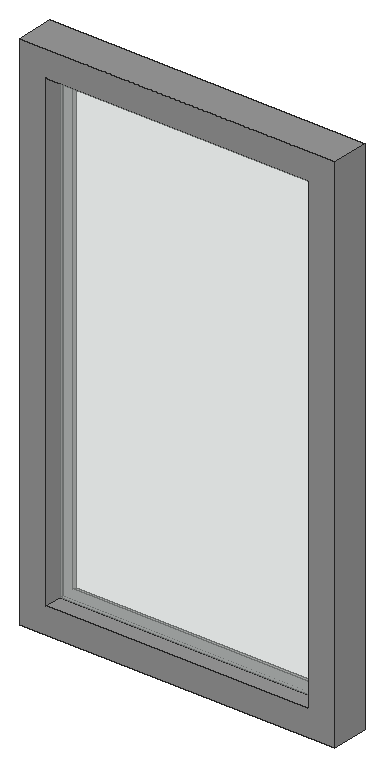
Revit family "2015_Ventana_Alueuropa_Q77_1-Hoja_Fija", category Windows, host Wall, Revit 2015
Parameters (values of type "600x1000 mm")
  𝑙𝑔 = 2800
  𝑈𝑤 = ((𝐴𝑔 * 𝑈𝑔) + (𝐴𝑓 * 𝑈𝑓) + ((𝑙𝑔 * Y𝑔) * 1000)) / (𝐴𝑔 + 𝐴𝑓)  # 2.8456
  𝑈𝑔 = 1.9  # constant formula
  𝑈𝑓 = 3.629  # constant formula
  𝐴𝑔 = 450000
  𝐴𝑓 = 150000
  Y𝑔 = 0.11  # constant formula
  VidaUtilEsperada = ""
  VersionElementoBIM = "1.0"  # constant formula
  UnidadMedicion = ""
  UnidadMantenimiento = ""
  Unidad = ""
  Uniclass2.0Titulo = "Door and window systems"  # constant formula
  Uniclass2.0Codigo = "25-30"  # constant formula
  URLProducto = "http://www.alueuropa.com/wp-content/uploads/2013/06/PERFILES-con-menos-foto-pies-de-pagina-en-franc%C3%A9s-10-3.pdf"
  URL Poliamida - Catálogo = "http://www.technoform.com/fileadmin/Technoform_Bautec/standardprofiles.html"
  URL Poliamida = "http://www.technoform.es/"
  URL = "http://www.alueuropa.com/"
  UNSPSCTitulo = "Windows"  # constant formula
  UNSPSCCodigo = "30171600"  # constant formula
  TransmitanciaTermica = 0.0000 W/(m²·K)
  TrabajoMantenimiento = ""
  TipoEmbalajeProteccion = ""
  TiempoMedioEntreFallos = ""
  TelefonoContacto = "+34 91 8955800"  # constant formula
  SalidaEmergencia = no
  ResistenciaFuego = ""
  ResistenciaAlViento = ""
  ResiduosPeligrososPorUnidad = 0
  ResiduosPeligrosos = 0
  ResiduosNoPeligrososPorUnidad = 0
  ResiduosNoPeligrosos = 0
  ResiduoRadioactivoPorUnidad = 0
  ResiduoRadioactivo = 0
  ResiduoInertePorUnidad = 0
  ResiduoInerte = 0
  RepisaInterior = yes
  RepisaExterior = yes
  ReferenciaUnidadFuncional = ""
  ReferenciaLote = ""
  ReferenciaContacto = "Alueuropa"  # constant formula
  Referencia = ""
  PuntoDeContacto = ""
  Poliamida = Poliamida, Technoform Bautec, PA66 GF 25
  PermeabilidadAlAire = ""
  PeriodoGarantia = ""
  Perimetro = (Width / 1.00 mm * 2) + (Height / 1.00 mm * 2)  # 3200
  Operation = "Fija"  # constant formula
  OmniclassTitulo = "Casment Window"  # constant formula
  OmniclassCodigo = "23.30.20.17.21.21"  # constant formula
  NumeroSerie = ""
  NumeroArticuloGlobalComercial = ""
  NumeroArticulo = ""
  NormativaMantenimiento = ""
  NivelSeguridad = ""
  Motorizada = no
  Model = "Q77 Fija"  # constant formula
  MaterialEnvase = ""
  MaterialContenedor = ""
  MateriaPrima = 0
  MasterformatTitulo = "Aluminium Windows"  # constant formula
  MasterformatCodigo = "08 51 13"  # constant formula
  MasaSuperficialKgm2 = 0
  Marco = Aluminio
  LugarEnsamblaje = ""
  InstruccionesEspeciales = ""
  InformacionTecnica = "http://www.alueuropa.com/products/"
  IndiceGlobalRedAcusticaTr = ""
  IndiceGlobalRedAcustica = ""
  IdentificadorGarantia = ""
  IFCClasificacion = ""
  GrosorMarco = 70.00 mm  # constant formula
  GarantiaExtendida = ""
  FrecuenciaMantenimiento = ""
  FraccionAreaAcristalamiento = 0.00%
  FormacionFotoquimicaOzonoPorUnidad = 0
  FormacionFotoquimicaOzono = 0
  FechaVencimientoElementoBIM = "28/08/2017"  # constant formula
  FechaInstalacion = ""
  FechaInicioGarantia = ""
  FechaFinGarantia = ""
  FechaEvaluacion = ""
  FechaEmisionElementoBIM = "28/08/2016"  # constant formula
  FechaCompra = ""
  FaseCicloVida = ""
  FaltaDeRecursosPorUnidad = 0
  FaltaDeRecursos = 0
  FactorSombra = 0
  FactorSolarModificado = 3000000
  Manufacturer = "Alueuropa"  # constant formula
  Exclusiones = ""
  EutrofizacionPorUnidad = 0
  Eutrofizacion = 0
  EtiquetaModelo = ""
  EstanqueidadAgua = ""
  Estado = ""
  EnergiaRenovableConsumidaPorUnidad = 0
  EnergiaRenovableConsumida = 0
  EnergiaPrimariaTotalConsumidaPorUnidad = 0
  EnergiaPrimariaTotalConsumida = 0
  EnergiaNoRenovableConsumidaPorUnidad = 0
  EnergiaNoRenovableConsumida = 0
  EmisionCO2 = 0
  EmailContacto = "ventas@alueuropa.com"  # constant formula
  DuracionVidaUtil = ""
  Detalle Perfileria = yes
  DestruccionCapaOzonoEstratosfericaPorUnidad = 0
  DestruccionCapaOzonoEstratosferica = 0
  DesfaseInterior [instance] = 0.00 mm
  DesfaseExterior [instance] = 0.00 mm
  Desfase Acristalamiento = 5.25 mm  # constant formula
  Description = "Ventana Fija"  # constant formula
  DescripcionEvaluacion = ""
  CosteMantenimiento = 0
  CosteEnergeticoMj = 0 J
  CosteEnergeticoKwh = 0
  ControlHumos = no
  ContenidoGarantia = ""
  ConfiguracionPoliamidas = "273800 - 493700"  # constant formula
  CondicionesMantenimiento = ""
  CondicionesGeneralesDeContratacion = ""
  CondicionesEvaluacion = ""
  Type Comments = "Sistema de Ventana Q77  Fija"  # constant formula
  CodigoBedec = ""
  CodigoBarras = ""
  CertificadoMantenimiento = ""
  CerramientoExterior = yes
  CambioClimaticoPorUnidad = 0
  CambioClimatico = 0
  COBieCategoria = ""
  Rough Width = Altura Real + 5.00 mm  # 1005.00 mm
  Anchura Real = if(Width > Anchura Máxima, Anchura Máxima, Width)  # 600.00 mm
  Anchura Máxima = 5000.00 mm  # constant formula
  Rough Height = Anchura Real + 5.00 mm  # 605.00 mm
  Altura Real = if(Height > Altura Máxima, Altura Máxima, Height)  # 1000.00 mm
  Altura Máxima = 5000.00 mm  # constant formula
  GrosorAcristalamiento = 32.00 mm  # constant formula
  Height = 1000.00 mm
  Bimetica = "http://www.bimetica.com"
  AñoProduccion = ""
  Autor = "Bimetica Parametric Design Services, S.L."  # constant formula
  Area = (Width * Height)  # 600000.00 mm²
  Altura de antepecho por defecto = 800.00 mm
  Wall Closure = By host
  Width = 600.00 mm
  AguaConsumidaPorUnidad = 0
  AguaConsumida = 0
  Acristalamiento = Cristal - Vidrio claro templado
  AcidificacionAtmosfericaPorUnidad = 0
  AcidificacionAtmosferica = 0
  Acabado = ""
Reference planes
  plane 1 "Centro (Frontal/Posterior)": y = 451.549
  plane 2 "Centro (Izquierda/Derecha)": x = 0
  plane 3 "Izquierda": x = -300
  plane 4 "Derecha": x = 300
  plane 5 "Antepecho": z = 800
  plane 6 "Extremo inicial": z = 1800
  plane 7 "Exterior": y = 521.549
  plane 8 "Interior": y = 521.549
  plane 9 "Media Altura": z = 1300
Forms (mm)
  Sweep 1, solid, material "Aluminio" <- "Marco"
    path origin (0, 521.549, 0) x (1, 0, 0) y (0, 0, 1)
      loop
        line (300, 800) -> (300, 1800) -> (-300, 1800) -> (-300, 800) -> (300, 800)
    profile origin (300, 521.549, 1300) x (-1, 0, 0) y (0, -1, 0)
      loop
        line (0, 70) -> (0, 0) -> (49.304, 0) -> (49.304, 5.25) -> (27.196, 5.25) -> (27.196, 37.25) -> (49.3, 37.25) -> (49.3, 70) -> (0, 70)
  Extrusion 2, solid, material "Cristal - Vidrio claro templado" <- "Acristalamiento"
    sketch origin (0, 521.549, 0) x (1, 0, 0) y (0, 0, 1)
      loop
        line (267.704, 1767.706) -> (-267.622, 1767.706) -> (-267.622, 832.29) -> (267.704, 832.29) -> (267.704, 1767.706)
    from 37.25 to 5.25
Lines and regions (mm)
  Opening 1
    outline origin (-5187.24, 321.549, 0) x (1, 0, 0) y (0, 0, 1)
      loop
        line (5487.24, 800) -> (5487.24, 1800) -> (4887.24, 1800) -> (4887.24, 800) -> (5487.24, 800)
  symbolic lines, style "WindowsGlassProjection", detail levels fine
    curve 1: line (-267.622, 508.236, 1300) -> (267.704, 508.236, 1300)
    curve 2: line (-267.622, 490.299, 1300) -> (267.704, 490.299, 1300)
    curve 3: line (300, 508.299, 1767.706) -> (300, 508.299, 832.29)
    curve 4: line (300, 490.299, 1767.706) -> (300, 490.299, 832.29)
Text (mm)
  text "EXTERIOR" at (-1963.203, 1332.353, 0), in view "Nivel de referencia"
  text "INTERIOR" at (-1981.466, -818.386, 0), in view "Nivel de referencia"
  text "Exterior" at (0, 923.751, 3114.851), in view "Derecha"
  text "Exterior" at (0, 1040.484, 2685.409), in view "Izquierda"
Dimensions and locks
  equal spacing: plane 3 "Izquierda", plane 2 "Centro (Izquierda/Derecha)", plane 4 "Derecha"
  "Width": plane 3 "Izquierda" to plane 4 "Derecha"
  "Height": plane 5 "Antepecho" to plane 6 "Extremo inicial"
  "Altura de antepecho por defecto": plane 5 "Antepecho" to level
  "DesfaseExterior": host wall to plane 7 "Exterior"
  "DesfaseInterior": plane 8 "Interior" to plane 7 "Exterior"
  "GrosorMarco": plane 1 "Centro (Frontal/Posterior)" to plane 8 "Interior"
  "GrosorAcristalamiento": Sweep 1 sketch curve to Sweep 1 sketch curve
  "Desfase Acristalamiento": Sweep 1 sketch curve to plane 8 "Interior"
  locked: Sweep 1 sketch curve to plane 4 "Derecha" at 49.304
  locked: Sweep 1 to Extrusion 2 sketch curve at 17.007
  locked: Sweep 1 to Extrusion 2 sketch curve at 17.01
  locked: Sweep 1 to Extrusion 2 sketch curve at 16.925
  locked: Extrusion 2 sketch curve to Sweep 1 at 17.014
  "GrosorAcristalamiento": Extrusion 2 to Extrusion 2
  "Desfase Acristalamiento": plane 8 "Interior" to Extrusion 2
  equal spacing: plane 5 "Antepecho", plane 9 "Media Altura", plane 6 "Extremo inicial"
  equal spacing: Extrusion 2, curve 1, curve 2
  locked: Sweep 1 sketch curve to plane 4 "Derecha" at 27.196
  locked: Extrusion 2 to curve 1 at 8.063
  locked: Extrusion 2 to curve 2 at 6
  locked: curve 3 to Sweep 1 at 8
  locked: Sweep 1 to curve 4 at 6
  aligned and locked: plane 6 "Extremo inicial" to Opening 1 sketch curve
  aligned and locked: Opening 1 sketch curve to plane 5 "Antepecho"
  aligned and locked: plane 4 "Derecha" to Opening 1 sketch curve
  aligned and locked: Opening 1 sketch curve to plane 3 "Izquierda"
  aligned and locked: plane 6 "Extremo inicial" to Sweep 1 sketch curve
  aligned and locked: Sweep 1 sketch curve to plane 5 "Antepecho"
  aligned and locked: Sweep 1 sketch curve to plane 3 "Izquierda"
  aligned and locked: plane 4 "Derecha" to Sweep 1 sketch curve
  aligned and locked: plane 1 "Centro (Frontal/Posterior)" to Sweep 1 sketch curve
  aligned and locked: Sweep 1 sketch curve to plane 4 "Derecha"
  aligned and locked: Sweep 1 sketch curve to profile plane
  aligned and locked: Extrusion 2 to curve 1  (x2)
  aligned and locked: plane 1 "Centro (Frontal/Posterior)" to nested 1
  aligned and locked: nested 1 to plane 3 "Izquierda"
  aligned and locked: nested 2 to plane 4 "Derecha"
  aligned and locked: nested 2 to plane 1 "Centro (Frontal/Posterior)"
  aligned and locked: nested 3 to plane 6 "Extremo inicial"
  aligned and locked: nested 3 to plane 1 "Centro (Frontal/Posterior)"
  aligned and locked: nested 4 to plane 5 "Antepecho"
  aligned and locked: plane 1 "Centro (Frontal/Posterior)" to nested 4
  aligned and locked: Extrusion 2 to curve 2  (x2)
  aligned and locked: Extrusion 2 to curve 3  (x2)
  aligned and locked: Extrusion 2 to curve 4  (x2)
Automatic sketch dimensions
  Sweep 1 sketch curve to Sweep 1 sketch curve = 22.104 mm
Nested families
  nested 1: "Q77_Detalle-Carpintería-Fija" at (-300, 451.549, 800), visible <- "Detalle Perfileria", type "Marco y Hoja Fija", detail levels medium+fine
  nested 2: "Q77_Detalle-Carpintería-Fija" at (300, 451.549, 800) x (-1, 0, 0) z (0, 0, 1), visible <- "Detalle Perfileria", type "Marco y Hoja Fija", detail levels medium+fine
  nested 3: "Q77_Detalle-Carpintería-Fija" at (300, 451.549, 1800) x (0, 0, -1) z (-1, 0, 0), visible <- "Detalle Perfileria", type "Marco y Hoja Fija", detail levels medium+fine
  nested 4: "Q77_Detalle-Carpintería-Fija" at (300, 451.549, 800) x (0, 0, 1) z (-1, 0, 0), visible <- "Detalle Perfileria", type "Marco y Hoja Fija", detail levels medium+fine
Definition of nested family "Q77_Detalle-Carpintería-Fija"
  Parameters (values of type "Marco y Hoja Fija")
    URL = "http://www.alueuropa.com/"
    Model = "Q77"  # constant formula
    Marco y Hoja Fija = yes
    FechaVencimientoElementoBIM = "01/01/2017"  # constant formula
    FechaEmisionElementoBIM = "23/08/2016"  # constant formula
    Manufacturer = "Alueuropa S.A."  # constant formula
    Description = "Detalle carpintería Q77_Marco y Hoja Fija"
    Bimetica = "http://www.bimetica.com"
    Autor = "Bimetica Parametric Design Services, S.L."  # constant formula
  Reference planes
    plane 1 "Centro (Frontal/Posterior)": y = 0
    plane 2: z = 0
    plane 3 "Centro (Izquierda/Derecha)": x = 0
  Lines and regions (mm)
    Masking region 1, in view "Nivel de referencia", visible <- "Marco y Hoja Fija"
      outline origin (0, 0, 0) x (1, 0, 0) y (0, 1, 0)
        loop
          line (0, 0) -> (48.799, 0)
          arc (48.799, 0) -> (49.153, 0.146) -> (49.3, 0.5) r 0.5
          line (49.3, 0.5) -> (49.3, 28.979) -> (50.406, 28.979) -> (51.763, 32.337) -> (26.966, 32.337) -> (26.966, 65.347) -> (51.27, 65.347)
          arc (51.27, 65.347) -> (50.65, 66.679) -> (50.096, 68.039) r 30.071
          line (50.096, 68.039) -> (49.304, 68.039) -> (49.3, 69.5)
          arc (49.3, 69.5) -> (49.154, 69.854) -> (48.8, 70) r 0.5
          line (48.8, 70) -> (0, 70) -> (0, 0)
  Dimensions and locks
    aligned and locked: import instance to plane 3 "Centro (Izquierda/Derecha)"
    aligned and locked: plane 1 "Centro (Frontal/Posterior)" to import instance
